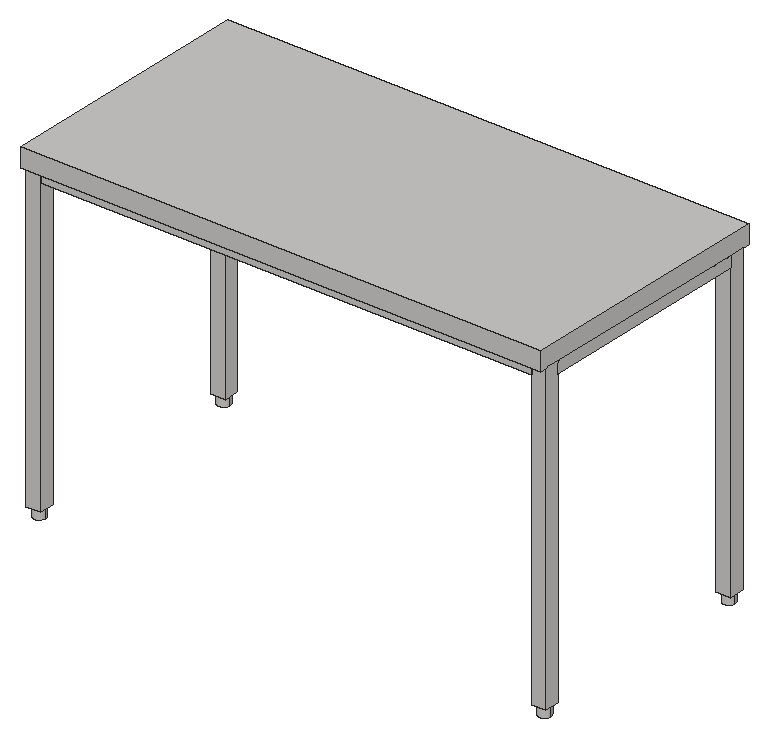
Revit family "QF_ELECTROLUXPROFESSIONAL_134004_GTG1400E", category Attrezzature speciali, Revit 2020
Family settings
  Quota connettore circolare = Usa diametro
  Tipo di parte = Normale
  Basato su piano di lavoro = No
  Sempre verticale = Sì
  Taglio con vuoti quando caricato = No
  Condiviso = No
  Punto di calcolo locali = No
Parameters (values of type "Standard")
  Weight = 40.50 kg
  Watts = 0 W
  Volts = 0 V
  URL Manufacturer = "https://www.electroluxprofessional.com/"
  URL = "https://www.electroluxprofessional.com/"
  Steam Supply Size = 0 mm
  Steam Supply Minimum Pressure = 0.0 Pa
  Steam Supply Maximum Pressure = 0.0 Pa
  Steam Consumption per Hour = 0
  Refrigeration Suction Line Size = 0.0 mm
  Refrigeration Liquid Line Size = 0.0 mm
  Refrigerant Compressor Remote = yes
  Prospetto di default = 0.0 mm
  Produttore = "Electrolux Professional"
  Phase = 0
  Modello = "GTG1400E"
  Length Actual = 1400.0 mm  # constant formula
  Item Number = "134004"
  Hot Water Size = 0 mm
  Height Actual = 900.0 mm  # constant formula
  HP = "0 HP"
  Gas Size = 0 mm
  Gas KW = 0
  Gas Input Pressure = 0 W
  Direct Waste Size = 0 mm
  Descrizione = "WORK TABLE 1400 MM"
  Depth Actual = 700.0 mm  # constant formula
  Cycle = 0 Hz
  Condensate Return Size = 0 mm
  Compressed Air Volume = 0.0 L/s
  Compressed Air Size = 0 mm
  Compressed Air Pressure = 0.0 Pa
  Cold Water Size = 0 mm
  Accessory = yes
Reference planes
  plane 1 "Center (Front/Back)": y = 0
  plane 2: z = 0
  plane 3 "Center (Left/Right)": x = -200
  plane 4 "LEFT": x = -900
  plane 5 "RIGHT": x = 500
  plane 6 "BACK": y = 350
  plane 7 "FRONT": y = -350
  plane 8 "Base": z = 850
  plane 9 "TOP": z = 900
  plane 10: x = -880
  plane 11: x = 480
  plane 12: y = 310
  plane 13: y = -310
  plane 14 "TRAVERSI": z = 820
  plane 15: x = -860
  plane 16: x = 460
  plane 17: y = 290
  plane 18: y = -290
  plane 19: y = 330
  plane 20: y = -330
Forms (mm)
  Extrusion 1, solid, material "QF_Finishes_Stainless Steel"
    sketch origin (-200, 0, 0) x (0, 1, 0) y (0, 0, 1)
      loop
        line (-350, 850) -> (350, 850) -> (350, 900) -> (-350, 900) -> (-350, 850)
    from 700 to -700
  Extrusion 2, solid, material "QF_Finishes_Stainless Steel"
    sketch origin (0, 0, 820) x (0, 1, 0) y (-1, 0, 0)
      loop
        line (290, -460) -> (-290, -460) -> (-290, -500) -> (290, -500) -> (290, -460)
      loop
        line (290, 900) -> (-290, 900) -> (-290, 860) -> (290, 860) -> (290, 900)
    from 0 to 30
  Extrusion 3, solid, material "QF_Finishes_Stainless Steel"
    sketch origin (0, 0, 820) x (0, 1, 0) y (-1, 0, 0)
      loop
        line (330, -460) -> (330, 860) -> (290, 860) -> (290, -460) -> (330, -460)
      loop
        line (-290, 860) -> (-330, 860) -> (-330, -460) -> (-290, -460) -> (-290, 860)
    from 0 to 30
Lines and regions (mm)
  symbolic lines
    curve 1: line (500, 350, 900) -> (-900, 350, 900)
    curve 2: line (-900, 350, 900) -> (-900, -350, 900)
    curve 3: line (-900, -350, 900) -> (500, -350, 900)
    curve 4: line (500, -350, 900) -> (500, 350, 900)
Dimensions and locks
  plane 4 "LEFT" to plane 5 "RIGHT" = 1400.0 mm
  equal spacing: plane 4 "LEFT", plane 3 "Center (Left/Right)", plane 5 "RIGHT"
  locked: plane 8 "Base" to level at 850
  plane 4 "LEFT" to plane 10 = 20.0 mm
  plane 11 to plane 5 "RIGHT" = 20.0 mm
  plane 10 to plane 11 = 1360.0 mm
  locked: plane 9 "TOP" to level at 900
  plane 6 "BACK" to plane 12 = 40.0 mm
  plane 13 to plane 7 "FRONT" = 40.0 mm
  plane 6 "BACK" to plane 7 "FRONT" = 700.0 mm
  plane 12 to plane 13 = 620.0 mm
  equal spacing: plane 6 "BACK", plane 1 "Center (Front/Back)", plane 7 "FRONT"
  plane 8 "Base" to plane 14 "TRAVERSI" = 30.0 mm
  locked: plane 10 to plane 15 at 20
  locked: plane 16 to plane 11 at 20
  locked: plane 19 to plane 12 at 20
  locked: plane 12 to plane 17 at 20
  locked: plane 18 to plane 13 at 20
  locked: plane 13 to plane 20 at 20
  aligned and locked: level to plane 2
  aligned and locked: plane 10 to nested 1
  aligned and locked: nested 1 to plane 13
  aligned and locked: plane 11 to nested 2
  aligned and locked: nested 2 to plane 13
  aligned and locked: plane 11 to nested 4
  aligned and locked: nested 4 to plane 12
  aligned and locked: plane 10 to nested 3
  aligned and locked: nested 3 to plane 12
  aligned and locked: Extrusion 1 to plane 4 "LEFT"
  aligned and locked: plane 5 "RIGHT" to Extrusion 1
  aligned and locked: curve 2 to plane 4 "LEFT"
  aligned and locked: Extrusion 2 sketch curve to plane 5 "RIGHT"
  aligned and locked: Extrusion 2 sketch curve to plane 17  (x2)
  aligned and locked: plane 16 to Extrusion 2 sketch curve
  aligned and locked: plane 18 to Extrusion 2 sketch curve  (x2)
  aligned and locked: plane 4 "LEFT" to Extrusion 2 sketch curve
  aligned and locked: Extrusion 2 sketch curve to plane 15
  aligned and locked: plane 19 to Extrusion 3 sketch curve
  aligned and locked: Extrusion 3 sketch curve to plane 17
  aligned and locked: Extrusion 3 sketch curve to plane 18
  aligned and locked: plane 20 to Extrusion 3 sketch curve
  aligned and locked: Extrusion 3 sketch curve to plane 15
  aligned and locked: plane 15 to Extrusion 3 sketch curve
  aligned and locked: plane 16 to Extrusion 3 sketch curve
  aligned and locked: Extrusion 3 sketch curve to plane 16
Automatic sketch dimensions
  Extrusion 1 sketch curve to plane 7 "FRONT" = 0.0 mm
  Extrusion 1 sketch curve to plane 8 "Base" = 0.0 mm
  curve 3 to plane 7 "FRONT" = 0.0 mm
  curve 4 to plane 6 "BACK" = 0.0 mm
  Extrusion 1 sketch curve to plane 9 "TOP" = 0.0 mm
  Extrusion 1 sketch curve to plane 6 "BACK" = 0.0 mm
  curve 4 to plane 5 "RIGHT" = 0.0 mm
Nested families
  nested 1: "FEET_40x40_R" at (-880, -310, 0), type "FEET_40x40_R"
  nested 2: "FEET_40x40_R" at (480, -310, 0), type "FEET_40x40_R"
  nested 3: "FEET_40x40_R" at (-880, 310, 0), type "FEET_40x40_R"
  nested 4: "FEET_40x40_R" at (480, 310, 0), type "FEET_40x40_R"
Definition of nested family "FEET_40x40_R"
  Parameters
    Default Elevation = 0.0 mm
    FEET = 850.0 mm
  Reference planes
    plane 1 "Center (Front/Back)": y = 0
    plane 2: z = 0
    plane 3 "Center (Left/Right)": x = 0
    plane 4: z = 850
  Forms (mm)
    Extrusion 1, solid
      sketch origin (0, 0, 0) x (1, 0, 0) y (0, 1, 0)
        loop
          line (-20, -20) -> (20, -20) -> (20, 20) -> (-20, 20) -> (-20, -20)
      from 25 to 850
    Extrusion 2, solid
      sketch origin (0, 0, 0) x (1, 0, 0) y (0, 1, 0)
        loop
          circle (0, 0) r 16
      from 0 to 25
  Lines and regions (mm)
    symbolic lines
      curve 1: line (0, -1.503, 0) -> (0, 1.508, 0)
      curve 2: line (1.561, 0, 0) -> (-1.439, 0, 0)
  Dimensions and locks
    "FEET": plane 4 to plane 2
    aligned and locked: level to plane 2
  Automatic sketch dimensions
    Extrusion 1 sketch curve to plane 3 "Center (Left/Right)" = 20.0 mm
    plane 3 "Center (Left/Right)" to Extrusion 1 sketch curve = 20.0 mm
    plane 1 "Center (Front/Back)" to Extrusion 1 sketch curve = 20.0 mm
    Extrusion 1 sketch curve to plane 1 "Center (Front/Back)" = 20.0 mm
    plane 1 "Center (Front/Back)" to Extrusion 2 sketch curve = 0.0 mm
    Extrusion 2 sketch curve to plane 3 "Center (Left/Right)" = 0.0 mm
    plane 1 "Center (Front/Back)" to curve 2 = 0.0 mm
    curve 1 to plane 3 "Center (Left/Right)" = 0.0 mm
    curve 2 to plane 3 "Center (Left/Right)" = 1.439 mm
    plane 3 "Center (Left/Right)" to curve 2 = 1.561 mm
    plane 1 "Center (Front/Back)" to curve 1 = 1.503 mm
    curve 1 to plane 1 "Center (Front/Back)" = 1.508 mm
    radius of Extrusion 2 sketch curve = 16.0 mm
